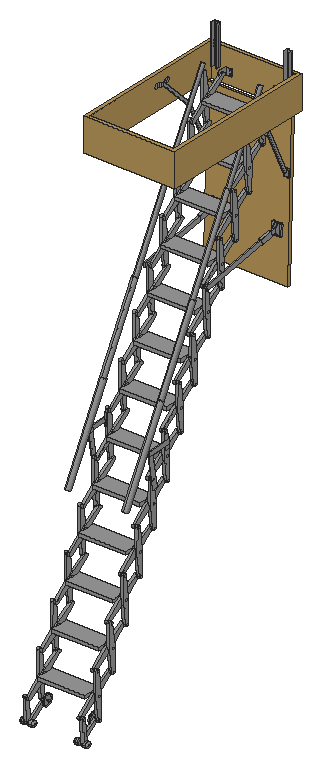
Revit family "schaartrap_Large elec-H 700x1200 mm", category Generic Models, Revit 2019
Family settings
  Can host rebar = No
  Round Connector Dimension = Use Diameter
  Part Type = Normal
  Work Plane-Based = Yes
  Always vertical = Yes
  Cut with Voids When Loaded = No
  Shared = Yes
  Room Calculation Point = No
Parameters
  schaartrap = gietaluminium
  deksel = hout
  bovenliggende treden = yes
  URL = "https://www.gortergroup.com/nl/producten/ladders-en-trappen/schaartrappen/large.html"
  Model = "Large elec-H 700x1200mm"  # constant formula
  Default Elevation = 1219.2 mm
Reference planes
  plane 1 "Center (Front/Back)": y = 0
  plane 2: z = 0
  plane 3 "Center (Left/Right)": x = 0
  plane 4: x = 183
  plane 5: x = -183
  plane 6: x = 203
  plane 7: x = 223
  plane 8: x = -203
  plane 9: x = -223
  plane 10: x = -176.5
  plane 11: x = 176.5
  plane 12: x = 342.5
  plane 13: x = -342.5
  plane 14: x = 176.5
  plane 15: x = 317.5
  plane 16: x = -317.5
  plane 17: x = 187
  plane 18 "traplijn": through (0, 1385.188, 3125.362) normal (0, -0.9072, 0.4206)
  plane 19 "bk. omtimmering": z = 3750
  plane 20: z = 3500
  plane 21: y = 1907.102
  plane 22: y = 717.102
Forms (mm)
  Extrusion 1, solid, material "gietaluminium" <- "schaartrap", not visible
    sketch origin (0, 729.606, 0) x (0, 1, 0) y (0, 0, 1)
      loop
        arc (537.788, 610.319) -> (523.153, 608.12) -> (523.948, 593.342) r 11.002
        line (523.948, 593.342) -> (663.021, 490.736)
        arc (663.021, 490.736) -> (683.041, 494.79) -> (680.583, 515.067) r 15.051
        line (680.583, 515.067) -> (537.788, 610.319)
      loop
        arc (541.3, 744.694) -> (608.05, 701.704) -> (677.245, 662.774) r 1330.136
        arc (677.245, 662.774) -> (691.355, 666.199) -> (689.776, 680.632) r 11
        arc (689.776, 680.632) -> (616.991, 742.583) -> (539.945, 799.147) r 1330.136
        arc (539.945, 799.147) -> (475.666, 840.227) -> (409.138, 877.555) r 1330.136
        arc (409.138, 877.555) -> (395.029, 874.129) -> (396.607, 859.696) r 11
        arc (396.607, 859.696) -> (466.954, 799.679) -> (541.3, 744.694) r 1330.136
      loop
        arc (412.689, 1012.014) -> (479.438, 969.024) -> (548.634, 930.093) r 1330.136
        arc (548.634, 930.093) -> (562.743, 933.518) -> (561.165, 947.952) r 11
        arc (561.165, 947.952) -> (488.38, 1009.902) -> (411.334, 1066.466) r 1330.136
        arc (411.334, 1066.466) -> (347.055, 1107.546) -> (280.527, 1144.874) r 1330.136
        arc (280.527, 1144.874) -> (266.418, 1141.449) -> (267.996, 1127.015) r 11
        arc (267.996, 1127.015) -> (338.343, 1066.998) -> (412.689, 1012.014) r 1330.136
      loop
        arc (284.078, 1279.333) -> (350.827, 1236.343) -> (420.023, 1197.412) r 1330.136
        arc (420.023, 1197.412) -> (434.132, 1200.838) -> (432.554, 1215.271) r 11
        arc (432.554, 1215.271) -> (359.769, 1277.222) -> (282.723, 1333.786) r 1330.136
        arc (282.723, 1333.786) -> (218.444, 1374.866) -> (151.916, 1412.193) r 1330.136
        arc (151.916, 1412.193) -> (137.807, 1408.768) -> (139.385, 1394.335) r 11
        arc (139.385, 1394.335) -> (209.732, 1334.317) -> (284.078, 1279.333) r 1330.136
      loop
        arc (155.467, 1546.652) -> (222.216, 1503.662) -> (291.412, 1464.732) r 1330.136
        arc (291.412, 1464.732) -> (305.521, 1468.157) -> (303.943, 1482.59) r 11
        arc (303.943, 1482.59) -> (231.158, 1544.541) -> (154.112, 1601.105) r 1330.136
        arc (154.112, 1601.105) -> (89.833, 1642.185) -> (23.305, 1679.512) r 1330.136
        arc (23.305, 1679.512) -> (9.196, 1676.087) -> (10.774, 1661.654) r 11
        arc (10.774, 1661.654) -> (81.12, 1601.637) -> (155.467, 1546.652) r 1330.136
      loop
        arc (26.856, 1813.971) -> (93.605, 1770.982) -> (162.801, 1732.051) r 1330.136
        arc (162.801, 1732.051) -> (176.91, 1735.476) -> (175.332, 1749.91) r 11
        arc (175.332, 1749.91) -> (102.547, 1811.86) -> (25.5, 1868.424) r 1330.136
        arc (25.5, 1868.424) -> (-38.778, 1909.504) -> (-105.306, 1946.832) r 1330.136
        arc (-105.306, 1946.832) -> (-119.416, 1943.407) -> (-117.837, 1928.973) r 11
        arc (-117.837, 1928.973) -> (-47.491, 1868.956) -> (26.856, 1813.971) r 1330.136
      loop
        arc (-101.755, 2081.291) -> (-35.006, 2038.301) -> (34.19, 1999.37) r 1330.136
        arc (34.19, 1999.37) -> (48.299, 2002.796) -> (46.721, 2017.229) r 11
        arc (46.721, 2017.229) -> (-26.064, 2079.18) -> (-103.111, 2135.744) r 1330.136
        arc (-103.111, 2135.744) -> (-167.389, 2176.824) -> (-233.917, 2214.151) r 1330.136
        arc (-233.917, 2214.151) -> (-248.027, 2210.726) -> (-246.448, 2196.292) r 11
        arc (-246.448, 2196.292) -> (-176.102, 2136.275) -> (-101.755, 2081.291) r 1330.136
      loop
        arc (-230.366, 2348.61) -> (-163.617, 2305.62) -> (-94.421, 2266.69) r 1330.136
        arc (-94.421, 2266.69) -> (-80.312, 2270.115) -> (-81.89, 2284.548) r 11
        arc (-81.89, 2284.548) -> (-154.676, 2346.499) -> (-231.722, 2403.063) r 1330.136
        arc (-231.722, 2403.063) -> (-296, 2444.143) -> (-362.528, 2481.47) r 1330.136
        arc (-362.528, 2481.47) -> (-376.638, 2478.045) -> (-375.059, 2463.612) r 11
        arc (-375.059, 2463.612) -> (-304.713, 2403.595) -> (-230.366, 2348.61) r 1330.136
      loop
        arc (-358.977, 2615.929) -> (-292.228, 2572.94) -> (-223.033, 2534.009) r 1330.136
        arc (-223.033, 2534.009) -> (-208.923, 2537.434) -> (-210.501, 2551.868) r 11
        arc (-210.501, 2551.868) -> (-283.287, 2613.818) -> (-360.333, 2670.382) r 1330.136
        arc (-360.333, 2670.382) -> (-424.611, 2711.462) -> (-491.139, 2748.79) r 1330.136
        arc (-491.139, 2748.79) -> (-505.249, 2745.364) -> (-503.67, 2730.931) r 11
        arc (-503.67, 2730.931) -> (-433.324, 2670.914) -> (-358.977, 2615.929) r 1330.136
      loop
        arc (-487.588, 2883.249) -> (-420.839, 2840.259) -> (-351.644, 2801.328) r 1330.136
        arc (-351.644, 2801.328) -> (-337.534, 2804.753) -> (-339.112, 2819.187) r 11
        arc (-339.112, 2819.187) -> (-411.898, 2881.138) -> (-488.944, 2937.702) r 1330.136
        arc (-488.944, 2937.702) -> (-553.222, 2978.782) -> (-619.75, 3016.109) r 1330.136
        arc (-619.75, 3016.109) -> (-633.86, 3012.684) -> (-632.281, 2998.25) r 11
        arc (-632.281, 2998.25) -> (-561.935, 2938.233) -> (-487.588, 2883.249) r 1330.136
      loop
        arc (-616.199, 3150.568) -> (-549.45, 3107.578) -> (-480.255, 3068.648) r 1330.136
        arc (-480.255, 3068.648) -> (-466.145, 3072.073) -> (-467.723, 3086.506) r 11
        arc (-467.723, 3086.506) -> (-540.509, 3148.457) -> (-617.555, 3205.021) r 1330.136
        arc (-617.555, 3205.021) -> (-681.833, 3246.101) -> (-748.361, 3283.428) r 1330.136
        arc (-748.361, 3283.428) -> (-762.471, 3280.003) -> (-760.893, 3265.57) r 11
        arc (-760.893, 3265.57) -> (-690.546, 3205.553) -> (-616.199, 3150.568) r 1330.136
      loop
        arc (-744.811, 3417.887) -> (-678.061, 3374.898) -> (-608.866, 3335.967) r 1330.136
        arc (-608.866, 3335.967) -> (-594.756, 3339.392) -> (-596.334, 3353.825) r 11
        arc (-596.334, 3353.825) -> (-669.12, 3415.776) -> (-746.166, 3472.34) r 1330.136
        arc (-746.166, 3472.34) -> (-810.444, 3513.42) -> (-876.972, 3550.748) r 1330.136
        arc (-876.972, 3550.748) -> (-891.082, 3547.322) -> (-889.504, 3532.889) r 11
        arc (-889.504, 3532.889) -> (-819.157, 3472.872) -> (-744.811, 3417.887) r 1330.136
      loop
        arc (-873.422, 3685.207) -> (-806.672, 3642.217) -> (-737.477, 3603.286) r 1330.136
        arc (-737.477, 3603.286) -> (-723.367, 3606.711) -> (-724.945, 3621.145) r 11
        arc (-724.945, 3621.145) -> (-797.731, 3683.096) -> (-874.777, 3739.66) r 1330.136
        arc (-874.777, 3739.66) -> (-939.056, 3780.739) -> (-1005.583, 3818.067) r 1330.136
        arc (-1005.583, 3818.067) -> (-1019.693, 3814.642) -> (-1018.115, 3800.208) r 11
        arc (-1018.115, 3800.208) -> (-947.768, 3740.191) -> (-873.422, 3685.207) r 1330.136
      loop
        arc (-1002.033, 3952.526) -> (-935.283, 3909.536) -> (-866.088, 3870.605) r 1330.136
        arc (-866.088, 3870.605) -> (-851.978, 3874.031) -> (-853.557, 3888.464) r 11
        arc (-853.557, 3888.464) -> (-926.342, 3950.415) -> (-1003.388, 4006.979) r 1330.136
        arc (-1003.388, 4006.979) -> (-1067.667, 4048.059) -> (-1134.194, 4085.386) r 1330.136
        arc (-1134.194, 4085.386) -> (-1148.304, 4081.961) -> (-1146.726, 4067.528) r 11
        arc (-1146.726, 4067.528) -> (-1076.379, 4007.511) -> (-1002.033, 3952.526) r 1330.136
    from 366 to 386
  Extrusion 2, solid, material "gietaluminium" <- "schaartrap", not visible
    sketch origin (0, 729.606, 0) x (0, 1, 0) y (0, 0, 1)
      loop
        line (686.793, 502.301) -> (693.329, 671.835)
        arc (693.329, 671.835) -> (683.291, 683.477) -> (671.416, 673.716) r 11
        line (671.416, 673.716) -> (657.161, 507.665)
        arc (657.161, 507.665) -> (668.84, 487.975) -> (686.694, 502.305) r 15.158
      loop
        arc (564.714, 940.575) -> (554.422, 950.815) -> (542.94, 941.928) r 11
        arc (542.94, 941.928) -> (521.234, 771.529) -> (521.669, 599.754) r 1330.136
        arc (521.669, 599.754) -> (531.962, 589.513) -> (543.443, 598.4) r 11
        arc (543.443, 598.4) -> (565.149, 768.799) -> (564.714, 940.575) r 1330.136
      loop
        arc (436.103, 1207.844) -> (425.811, 1218.085) -> (414.329, 1209.198) r 11
        arc (414.329, 1209.198) -> (392.623, 1038.798) -> (393.058, 867.023) r 1330.136
        arc (393.058, 867.023) -> (403.351, 856.782) -> (414.832, 865.669) r 11
        arc (414.832, 865.669) -> (436.538, 1036.069) -> (436.103, 1207.844) r 1330.136
      loop
        arc (307.492, 1475.113) -> (297.199, 1485.354) -> (285.718, 1476.467) r 11
        arc (285.718, 1476.467) -> (264.012, 1306.068) -> (264.447, 1134.292) r 1330.136
        arc (264.447, 1134.292) -> (274.74, 1124.051) -> (286.221, 1132.939) r 11
        arc (286.221, 1132.939) -> (307.927, 1303.338) -> (307.492, 1475.113) r 1330.136
      loop
        arc (178.881, 1742.383) -> (168.588, 1752.623) -> (157.107, 1743.736) r 11
        arc (157.107, 1743.736) -> (135.401, 1573.337) -> (135.836, 1401.562) r 1330.136
        arc (135.836, 1401.562) -> (146.128, 1391.321) -> (157.61, 1400.208) r 11
        arc (157.61, 1400.208) -> (179.316, 1570.607) -> (178.881, 1742.383) r 1330.136
      loop
        arc (50.27, 2009.652) -> (39.977, 2019.893) -> (28.496, 2011.006) r 11
        arc (28.496, 2011.006) -> (6.79, 1840.606) -> (7.225, 1668.831) r 1330.136
        arc (7.225, 1668.831) -> (17.517, 1658.59) -> (28.999, 1667.477) r 11
        arc (28.999, 1667.477) -> (50.705, 1837.876) -> (50.27, 2009.652) r 1330.136
      loop
        arc (-78.341, 2276.921) -> (-88.634, 2287.162) -> (-100.116, 2278.275) r 11
        arc (-100.116, 2278.275) -> (-121.821, 2107.876) -> (-121.386, 1936.1) r 1330.136
        arc (-121.386, 1936.1) -> (-111.094, 1925.859) -> (-99.612, 1934.747) r 11
        arc (-99.612, 1934.747) -> (-77.906, 2105.146) -> (-78.341, 2276.921) r 1330.136
      loop
        arc (-206.952, 2544.191) -> (-217.245, 2554.431) -> (-228.727, 2545.544) r 11
        arc (-228.727, 2545.544) -> (-250.432, 2375.145) -> (-249.997, 2203.369) r 1330.136
        arc (-249.997, 2203.369) -> (-239.705, 2193.129) -> (-228.223, 2202.016) r 11
        arc (-228.223, 2202.016) -> (-206.517, 2372.415) -> (-206.952, 2544.191) r 1330.136
      loop
        arc (-335.563, 2811.46) -> (-345.856, 2821.701) -> (-357.338, 2812.813) r 11
        arc (-357.338, 2812.813) -> (-379.043, 2642.414) -> (-378.609, 2470.639) r 1330.136
        arc (-378.609, 2470.639) -> (-368.316, 2460.398) -> (-356.834, 2469.285) r 11
        arc (-356.834, 2469.285) -> (-335.128, 2639.684) -> (-335.563, 2811.46) r 1330.136
      loop
        arc (-464.174, 3078.729) -> (-474.467, 3088.97) -> (-485.949, 3080.083) r 11
        arc (-485.949, 3080.083) -> (-507.655, 2909.684) -> (-507.22, 2737.908) r 1330.136
        arc (-507.22, 2737.908) -> (-496.927, 2727.667) -> (-485.445, 2736.554) r 11
        arc (-485.445, 2736.554) -> (-463.739, 2906.954) -> (-464.174, 3078.729) r 1330.136
      loop
        arc (-592.785, 3345.998) -> (-603.078, 3356.239) -> (-614.56, 3347.352) r 11
        arc (-614.56, 3347.352) -> (-636.266, 3176.953) -> (-635.831, 3005.177) r 1330.136
        arc (-635.831, 3005.177) -> (-625.538, 2994.937) -> (-614.056, 3003.824) r 11
        arc (-614.056, 3003.824) -> (-592.35, 3174.223) -> (-592.785, 3345.998) r 1330.136
      loop
        arc (-721.396, 3613.268) -> (-731.689, 3623.509) -> (-743.171, 3614.621) r 11
        arc (-743.171, 3614.621) -> (-764.877, 3444.222) -> (-764.442, 3272.447) r 1330.136
        arc (-764.442, 3272.447) -> (-754.149, 3262.206) -> (-742.667, 3271.093) r 11
        arc (-742.667, 3271.093) -> (-720.961, 3441.492) -> (-721.396, 3613.268) r 1330.136
      loop
        arc (-850.007, 3880.537) -> (-860.3, 3890.778) -> (-871.782, 3881.891) r 11
        arc (-871.782, 3881.891) -> (-893.488, 3711.492) -> (-893.053, 3539.716) r 1330.136
        arc (-893.053, 3539.716) -> (-882.76, 3529.475) -> (-871.278, 3538.362) r 11
        arc (-871.278, 3538.362) -> (-849.572, 3708.762) -> (-850.007, 3880.537) r 1330.136
      loop
        arc (-978.618, 4147.806) -> (-988.911, 4158.047) -> (-1000.393, 4149.16) r 11
        arc (-1000.393, 4149.16) -> (-1022.099, 3978.761) -> (-1021.664, 3806.985) r 1330.136
        arc (-1021.664, 3806.985) -> (-1011.371, 3796.745) -> (-999.889, 3805.632) r 11
        arc (-999.889, 3805.632) -> (-978.184, 3976.031) -> (-978.618, 4147.806) r 1330.136
    from 386 to 406
  Extrusion 3, solid, material "gietaluminium" <- "schaartrap", not visible
    sketch origin (0, 729.606, 0) x (0, 1, 0) y (0, 0, 1)
      loop
        circle (682.35, 672.517) r 5.05
      loop
        circle (532.644, 600.492) r 5
      loop
        circle (543.192, 770.164) r 5.05
      loop
        circle (553.739, 939.837) r 5.05
      loop
        circle (404.033, 867.811) r 5.05
      loop
        circle (414.581, 1037.483) r 5.05
      loop
        circle (275.422, 1135.13) r 5.05
      loop
        circle (425.128, 1207.156) r 5.05
      loop
        circle (285.969, 1304.803) r 5.05
      loop
        circle (146.811, 1402.45) r 5.05
      loop
        circle (296.517, 1474.475) r 5.05
      loop
        circle (157.358, 1572.122) r 5.05
      loop
        circle (167.906, 1741.795) r 5.05
      loop
        circle (18.2, 1669.769) r 5.05
      loop
        circle (28.747, 1839.441) r 5.05
      loop
        circle (-110.411, 1937.088) r 5.05
      loop
        circle (-99.864, 2106.761) r 5.05
      loop
        circle (-239.022, 2204.408) r 5.05
      loop
        circle (39.295, 2009.114) r 5.05
      loop
        circle (-89.316, 2276.433) r 5.05
      loop
        circle (-228.475, 2374.08) r 5.05
      loop
        circle (-367.633, 2471.727) r 5.05
      loop
        circle (-217.927, 2543.752) r 5.05
      loop
        circle (-357.086, 2641.399) r 5.05
      loop
        circle (-496.244, 2739.046) r 5.05
      loop
        circle (-346.538, 2811.072) r 5.05
      loop
        circle (-485.697, 2908.719) r 5.05
      loop
        circle (-624.855, 3006.365) r 5.05
      loop
        circle (-475.149, 3078.391) r 5.25
      loop
        circle (-614.308, 3176.038) r 5.05
      loop
        circle (-753.466, 3273.685) r 5.05
      loop
        circle (-603.76, 3345.71) r 5.05
      loop
        circle (-742.919, 3443.357) r 5.05
      loop
        circle (-882.078, 3541.004) r 5.05
      loop
        circle (-732.372, 3613.03) r 5.05
      loop
        circle (-871.53, 3710.677) r 5.05
      loop
        circle (-860.983, 3880.349) r 5.05
      loop
        circle (-1000.141, 3977.996) r 5.05
      loop
        circle (-1010.689, 3808.323) r 5.05
    from 406 to 411
  Extrusion 4, solid, material "gietaluminium" <- "schaartrap"
    sketch origin (0, 1421.409, -482.845) x (0, -1, 0) y (0, 0, -1)
      loop
        line (1204.291, -787.141) -> (1341.315, -787.141) -> (1341.315, -763.096) -> (1204.291, -763.096) -> (1204.291, -787.141)
      loop
        line (1075.68, -1054.461) -> (1212.704, -1054.461) -> (1212.704, -1030.415) -> (1075.68, -1030.415) -> (1075.68, -1054.461)
      loop
        line (947.069, -1321.78) -> (1084.093, -1321.78) -> (1084.093, -1297.734) -> (947.069, -1297.734) -> (947.069, -1321.78)
      loop
        line (818.458, -1589.099) -> (955.482, -1589.099) -> (955.482, -1565.054) -> (818.458, -1565.054) -> (818.458, -1589.099)
      loop
        line (689.847, -1856.418) -> (826.871, -1856.418) -> (826.871, -1832.373) -> (689.847, -1832.373) -> (689.847, -1856.418)
      loop
        line (561.236, -2123.738) -> (698.26, -2123.738) -> (698.26, -2099.692) -> (561.236, -2099.692) -> (561.236, -2123.738)
      loop
        line (432.625, -2391.057) -> (569.649, -2391.057) -> (569.649, -2367.012) -> (432.625, -2367.012) -> (432.625, -2391.057)
      loop
        line (304.014, -2658.376) -> (441.037, -2658.376) -> (441.037, -2634.331) -> (304.014, -2634.331) -> (304.014, -2658.376)
      loop
        line (175.403, -2925.696) -> (312.426, -2925.696) -> (312.426, -2901.65) -> (175.403, -2901.65) -> (175.403, -2925.696)
      loop
        line (46.791, -3193.015) -> (183.815, -3193.015) -> (183.815, -3168.97) -> (46.791, -3168.97) -> (46.791, -3193.015)
      loop
        line (-81.82, -3460.334) -> (55.204, -3460.334) -> (55.204, -3436.289) -> (-81.82, -3436.289) -> (-81.82, -3460.334)
      loop
        line (-210.431, -3727.654) -> (-73.407, -3727.654) -> (-73.407, -3703.608) -> (-210.431, -3703.608) -> (-210.431, -3727.654)
      loop
        line (-339.042, -3994.973) -> (-202.018, -3994.973) -> (-202.018, -3970.928) -> (-339.042, -3970.928) -> (-339.042, -3994.973)
    from -176.5 to 176.5
  Extrusion 5, solid, material "gietaluminium" <- "schaartrap", not visible
    sketch origin (-7, 2508.736, 453.455) x (0, 1, 0) y (0, 0, 1)
      loop
        arc (-1222.318, 115.163) -> (-1208.153, 158.467) -> (-1243.721, 186.941) r 40
        arc (-1243.721, 186.941) -> (-1284.817, 135.606) -> (-1222.318, 115.163) r 40
      loop
        arc (-1225.166, 116.796) -> (-1211.067, 157.739) -> (-1245.48, 184.023) r 37
        arc (-1245.48, 184.023) -> (-1281.903, 136.334) -> (-1225.166, 116.796) r 37
    from 359 to 370
  Extrusion 6, solid, material "gietaluminium" <- "schaartrap", not visible
    sketch origin (183, 2508.736, 453.455) x (0, 1, 0) y (0, 0, 1)
      loop
        arc (-1245.48, 184.023) -> (-1281.903, 136.334) -> (-1225.166, 116.796) r 37
        arc (-1225.166, 116.796) -> (-1211.067, 157.739) -> (-1245.48, 184.023) r 37
    from 173 to 176.5
  Extrusion 7, solid, material "gietaluminium" <- "schaartrap", not visible
    sketch origin (701, 2508.736, 453.455) x (0, 1, 0) y (0, 0, -1)
      loop
        circle (-1246.485, -147.037) r 5
    from 359 to 335
  Extrusion 8, solid, material "gietaluminium" <- "schaartrap"
    sketch origin (183, 691.803, -482.845) x (0, -1, 0) y (0, 0, 1)
      loop
        arc (537.788, 610.319) -> (523.153, 608.12) -> (523.948, 593.342) r 11.002
        line (523.948, 593.342) -> (663.021, 490.736)
        arc (663.021, 490.736) -> (683.041, 494.79) -> (680.583, 515.067) r 15.051
        line (680.583, 515.067) -> (537.788, 610.319)
      loop
        arc (541.3, 744.694) -> (608.05, 701.704) -> (677.245, 662.774) r 1330.136
        arc (677.245, 662.774) -> (691.355, 666.199) -> (689.776, 680.632) r 11
        arc (689.776, 680.632) -> (616.991, 742.583) -> (539.945, 799.147) r 1330.136
        arc (539.945, 799.147) -> (475.666, 840.227) -> (409.138, 877.555) r 1330.136
        arc (409.138, 877.555) -> (395.029, 874.129) -> (396.607, 859.696) r 11
        arc (396.607, 859.696) -> (466.954, 799.679) -> (541.3, 744.694) r 1330.136
      loop
        arc (412.689, 1012.014) -> (479.438, 969.024) -> (548.634, 930.093) r 1330.136
        arc (548.634, 930.093) -> (562.743, 933.518) -> (561.165, 947.952) r 11
        arc (561.165, 947.952) -> (488.38, 1009.902) -> (411.334, 1066.466) r 1330.136
        arc (411.334, 1066.466) -> (347.055, 1107.546) -> (280.527, 1144.874) r 1330.136
        arc (280.527, 1144.874) -> (266.418, 1141.449) -> (267.996, 1127.015) r 11
        arc (267.996, 1127.015) -> (338.343, 1066.998) -> (412.689, 1012.014) r 1330.136
      loop
        arc (284.078, 1279.333) -> (350.827, 1236.343) -> (420.023, 1197.412) r 1330.136
        arc (420.023, 1197.412) -> (434.132, 1200.838) -> (432.554, 1215.271) r 11
        arc (432.554, 1215.271) -> (359.769, 1277.222) -> (282.723, 1333.786) r 1330.136
        arc (282.723, 1333.786) -> (218.444, 1374.866) -> (151.916, 1412.193) r 1330.136
        arc (151.916, 1412.193) -> (137.807, 1408.768) -> (139.385, 1394.335) r 11
        arc (139.385, 1394.335) -> (209.732, 1334.317) -> (284.078, 1279.333) r 1330.136
      loop
        arc (155.467, 1546.652) -> (222.216, 1503.662) -> (291.412, 1464.732) r 1330.136
        arc (291.412, 1464.732) -> (305.521, 1468.157) -> (303.943, 1482.59) r 11
        arc (303.943, 1482.59) -> (231.158, 1544.541) -> (154.112, 1601.105) r 1330.136
        arc (154.112, 1601.105) -> (89.833, 1642.185) -> (23.305, 1679.512) r 1330.136
        arc (23.305, 1679.512) -> (9.196, 1676.087) -> (10.774, 1661.654) r 11
        arc (10.774, 1661.654) -> (81.12, 1601.637) -> (155.467, 1546.652) r 1330.136
      loop
        arc (26.856, 1813.971) -> (93.605, 1770.982) -> (162.801, 1732.051) r 1330.136
        arc (162.801, 1732.051) -> (176.91, 1735.476) -> (175.332, 1749.91) r 11
        arc (175.332, 1749.91) -> (102.547, 1811.86) -> (25.5, 1868.424) r 1330.136
        arc (25.5, 1868.424) -> (-38.778, 1909.504) -> (-105.306, 1946.832) r 1330.136
        arc (-105.306, 1946.832) -> (-119.416, 1943.407) -> (-117.837, 1928.973) r 11
        arc (-117.837, 1928.973) -> (-47.491, 1868.956) -> (26.856, 1813.971) r 1330.136
      loop
        arc (-101.755, 2081.291) -> (-35.006, 2038.301) -> (34.19, 1999.37) r 1330.136
        arc (34.19, 1999.37) -> (48.299, 2002.796) -> (46.721, 2017.229) r 11
        arc (46.721, 2017.229) -> (-26.064, 2079.18) -> (-103.111, 2135.744) r 1330.136
        arc (-103.111, 2135.744) -> (-167.389, 2176.824) -> (-233.917, 2214.151) r 1330.136
        arc (-233.917, 2214.151) -> (-248.027, 2210.726) -> (-246.448, 2196.292) r 11
        arc (-246.448, 2196.292) -> (-176.102, 2136.275) -> (-101.755, 2081.291) r 1330.136
      loop
        arc (-230.366, 2348.61) -> (-163.617, 2305.62) -> (-94.421, 2266.69) r 1330.136
        arc (-94.421, 2266.69) -> (-80.312, 2270.115) -> (-81.89, 2284.548) r 11
        arc (-81.89, 2284.548) -> (-154.676, 2346.499) -> (-231.722, 2403.063) r 1330.136
        arc (-231.722, 2403.063) -> (-296, 2444.143) -> (-362.528, 2481.47) r 1330.136
        arc (-362.528, 2481.47) -> (-376.638, 2478.045) -> (-375.059, 2463.612) r 11
        arc (-375.059, 2463.612) -> (-304.713, 2403.595) -> (-230.366, 2348.61) r 1330.136
      loop
        arc (-358.977, 2615.929) -> (-292.228, 2572.94) -> (-223.033, 2534.009) r 1330.136
        arc (-223.033, 2534.009) -> (-208.923, 2537.434) -> (-210.501, 2551.868) r 11
        arc (-210.501, 2551.868) -> (-283.287, 2613.818) -> (-360.333, 2670.382) r 1330.136
        arc (-360.333, 2670.382) -> (-424.611, 2711.462) -> (-491.139, 2748.79) r 1330.136
        arc (-491.139, 2748.79) -> (-505.249, 2745.364) -> (-503.67, 2730.931) r 11
        arc (-503.67, 2730.931) -> (-433.324, 2670.914) -> (-358.977, 2615.929) r 1330.136
      loop
        arc (-487.588, 2883.249) -> (-420.839, 2840.259) -> (-351.644, 2801.328) r 1330.136
        arc (-351.644, 2801.328) -> (-337.534, 2804.753) -> (-339.112, 2819.187) r 11
        arc (-339.112, 2819.187) -> (-411.898, 2881.138) -> (-488.944, 2937.702) r 1330.136
        arc (-488.944, 2937.702) -> (-553.222, 2978.782) -> (-619.75, 3016.109) r 1330.136
        arc (-619.75, 3016.109) -> (-633.86, 3012.684) -> (-632.281, 2998.25) r 11
        arc (-632.281, 2998.25) -> (-561.935, 2938.233) -> (-487.588, 2883.249) r 1330.136
      loop
        arc (-616.199, 3150.568) -> (-549.45, 3107.578) -> (-480.255, 3068.648) r 1330.136
        arc (-480.255, 3068.648) -> (-466.145, 3072.073) -> (-467.723, 3086.506) r 11
        arc (-467.723, 3086.506) -> (-540.509, 3148.457) -> (-617.555, 3205.021) r 1330.136
        arc (-617.555, 3205.021) -> (-681.833, 3246.101) -> (-748.361, 3283.428) r 1330.136
        arc (-748.361, 3283.428) -> (-762.471, 3280.003) -> (-760.893, 3265.57) r 11
        arc (-760.893, 3265.57) -> (-690.546, 3205.553) -> (-616.199, 3150.568) r 1330.136
      loop
        arc (-744.811, 3417.887) -> (-678.061, 3374.898) -> (-608.866, 3335.967) r 1330.136
        arc (-608.866, 3335.967) -> (-594.756, 3339.392) -> (-596.334, 3353.825) r 11
        arc (-596.334, 3353.825) -> (-669.12, 3415.776) -> (-746.166, 3472.34) r 1330.136
        arc (-746.166, 3472.34) -> (-810.444, 3513.42) -> (-876.972, 3550.748) r 1330.136
        arc (-876.972, 3550.748) -> (-891.082, 3547.322) -> (-889.504, 3532.889) r 11
        arc (-889.504, 3532.889) -> (-819.157, 3472.872) -> (-744.811, 3417.887) r 1330.136
      loop
        arc (-873.422, 3685.207) -> (-806.672, 3642.217) -> (-737.477, 3603.286) r 1330.136
        arc (-737.477, 3603.286) -> (-723.367, 3606.711) -> (-724.945, 3621.145) r 11
        arc (-724.945, 3621.145) -> (-797.731, 3683.096) -> (-874.777, 3739.66) r 1330.136
        arc (-874.777, 3739.66) -> (-939.056, 3780.739) -> (-1005.583, 3818.067) r 1330.136
        arc (-1005.583, 3818.067) -> (-1019.693, 3814.642) -> (-1018.115, 3800.208) r 11
        arc (-1018.115, 3800.208) -> (-947.768, 3740.191) -> (-873.422, 3685.207) r 1330.136
      loop
        arc (-1002.033, 3952.526) -> (-935.283, 3909.536) -> (-866.088, 3870.605) r 1330.136
        arc (-866.088, 3870.605) -> (-851.978, 3874.031) -> (-853.557, 3888.464) r 11
        arc (-853.557, 3888.464) -> (-926.342, 3950.415) -> (-1003.388, 4006.979) r 1330.136
        arc (-1003.388, 4006.979) -> (-1067.667, 4048.059) -> (-1134.194, 4085.386) r 1330.136
        arc (-1134.194, 4085.386) -> (-1148.304, 4081.961) -> (-1146.726, 4067.528) r 11
        arc (-1146.726, 4067.528) -> (-1076.379, 4007.511) -> (-1002.033, 3952.526) r 1330.136
    from 366 to 386
  Extrusion 9, solid, material "gietaluminium" <- "schaartrap"
    sketch origin (183, 691.803, -482.845) x (0, -1, 0) y (0, 0, 1)
      loop
        line (686.793, 502.301) -> (693.329, 671.835)
        arc (693.329, 671.835) -> (683.291, 683.477) -> (671.416, 673.716) r 11
        line (671.416, 673.716) -> (657.161, 507.665)
        arc (657.161, 507.665) -> (668.84, 487.975) -> (686.694, 502.305) r 15.158
      loop
        arc (564.714, 940.575) -> (554.422, 950.815) -> (542.94, 941.928) r 11
        arc (542.94, 941.928) -> (521.234, 771.529) -> (521.669, 599.754) r 1330.136
        arc (521.669, 599.754) -> (531.962, 589.513) -> (543.443, 598.4) r 11
        arc (543.443, 598.4) -> (565.149, 768.799) -> (564.714, 940.575) r 1330.136
      loop
        arc (436.103, 1207.844) -> (425.811, 1218.085) -> (414.329, 1209.198) r 11
        arc (414.329, 1209.198) -> (392.623, 1038.798) -> (393.058, 867.023) r 1330.136
        arc (393.058, 867.023) -> (403.351, 856.782) -> (414.832, 865.669) r 11
        arc (414.832, 865.669) -> (436.538, 1036.069) -> (436.103, 1207.844) r 1330.136
      loop
        arc (307.492, 1475.113) -> (297.199, 1485.354) -> (285.718, 1476.467) r 11
        arc (285.718, 1476.467) -> (264.012, 1306.068) -> (264.447, 1134.292) r 1330.136
        arc (264.447, 1134.292) -> (274.74, 1124.051) -> (286.221, 1132.939) r 11
        arc (286.221, 1132.939) -> (307.927, 1303.338) -> (307.492, 1475.113) r 1330.136
      loop
        arc (178.881, 1742.383) -> (168.588, 1752.623) -> (157.107, 1743.736) r 11
        arc (157.107, 1743.736) -> (135.401, 1573.337) -> (135.836, 1401.562) r 1330.136
        arc (135.836, 1401.562) -> (146.128, 1391.321) -> (157.61, 1400.208) r 11
        arc (157.61, 1400.208) -> (179.316, 1570.607) -> (178.881, 1742.383) r 1330.136
      loop
        arc (50.27, 2009.652) -> (39.977, 2019.893) -> (28.496, 2011.006) r 11
        arc (28.496, 2011.006) -> (6.79, 1840.606) -> (7.225, 1668.831) r 1330.136
        arc (7.225, 1668.831) -> (17.517, 1658.59) -> (28.999, 1667.477) r 11
        arc (28.999, 1667.477) -> (50.705, 1837.876) -> (50.27, 2009.652) r 1330.136
      loop
        arc (-78.341, 2276.921) -> (-88.634, 2287.162) -> (-100.116, 2278.275) r 11
        arc (-100.116, 2278.275) -> (-121.821, 2107.876) -> (-121.386, 1936.1) r 1330.136
        arc (-121.386, 1936.1) -> (-111.094, 1925.859) -> (-99.612, 1934.747) r 11
        arc (-99.612, 1934.747) -> (-77.906, 2105.146) -> (-78.341, 2276.921) r 1330.136
      loop
        arc (-206.952, 2544.191) -> (-217.245, 2554.431) -> (-228.727, 2545.544) r 11
        arc (-228.727, 2545.544) -> (-250.432, 2375.145) -> (-249.997, 2203.369) r 1330.136
        arc (-249.997, 2203.369) -> (-239.705, 2193.129) -> (-228.223, 2202.016) r 11
        arc (-228.223, 2202.016) -> (-206.517, 2372.415) -> (-206.952, 2544.191) r 1330.136
      loop
        arc (-335.563, 2811.46) -> (-345.856, 2821.701) -> (-357.338, 2812.813) r 11
        arc (-357.338, 2812.813) -> (-379.043, 2642.414) -> (-378.609, 2470.639) r 1330.136
        arc (-378.609, 2470.639) -> (-368.316, 2460.398) -> (-356.834, 2469.285) r 11
        arc (-356.834, 2469.285) -> (-335.128, 2639.684) -> (-335.563, 2811.46) r 1330.136
      loop
        arc (-464.174, 3078.729) -> (-474.467, 3088.97) -> (-485.949, 3080.083) r 11
        arc (-485.949, 3080.083) -> (-507.655, 2909.684) -> (-507.22, 2737.908) r 1330.136
        arc (-507.22, 2737.908) -> (-496.927, 2727.667) -> (-485.445, 2736.554) r 11
        arc (-485.445, 2736.554) -> (-463.739, 2906.954) -> (-464.174, 3078.729) r 1330.136
      loop
        arc (-592.785, 3345.998) -> (-603.078, 3356.239) -> (-614.56, 3347.352) r 11
        arc (-614.56, 3347.352) -> (-636.266, 3176.953) -> (-635.831, 3005.177) r 1330.136
        arc (-635.831, 3005.177) -> (-625.538, 2994.937) -> (-614.056, 3003.824) r 11
        arc (-614.056, 3003.824) -> (-592.35, 3174.223) -> (-592.785, 3345.998) r 1330.136
      loop
        arc (-721.396, 3613.268) -> (-731.689, 3623.509) -> (-743.171, 3614.621) r 11
        arc (-743.171, 3614.621) -> (-764.877, 3444.222) -> (-764.442, 3272.447) r 1330.136
        arc (-764.442, 3272.447) -> (-754.149, 3262.206) -> (-742.667, 3271.093) r 11
        arc (-742.667, 3271.093) -> (-720.961, 3441.492) -> (-721.396, 3613.268) r 1330.136
      loop
        arc (-850.007, 3880.537) -> (-860.3, 3890.778) -> (-871.782, 3881.891) r 11
        arc (-871.782, 3881.891) -> (-893.488, 3711.492) -> (-893.053, 3539.716) r 1330.136
        arc (-893.053, 3539.716) -> (-882.76, 3529.475) -> (-871.278, 3538.362) r 11
        arc (-871.278, 3538.362) -> (-849.572, 3708.762) -> (-850.007, 3880.537) r 1330.136
      loop
        arc (-978.618, 4147.806) -> (-988.911, 4158.047) -> (-1000.393, 4149.16) r 11
        arc (-1000.393, 4149.16) -> (-1022.099, 3978.761) -> (-1021.664, 3806.985) r 1330.136
        arc (-1021.664, 3806.985) -> (-1011.371, 3796.745) -> (-999.889, 3805.632) r 11
        arc (-999.889, 3805.632) -> (-978.184, 3976.031) -> (-978.618, 4147.806) r 1330.136
    from 386 to 406
  Extrusion 10, solid, material "gietaluminium" <- "schaartrap"
    sketch origin (183, 691.803, -482.845) x (0, -1, 0) y (0, 0, 1)
      loop
        circle (682.35, 672.517) r 5.05
      loop
        circle (532.644, 600.492) r 5
      loop
        circle (543.192, 770.164) r 5.05
      loop
        circle (553.739, 939.837) r 5.05
      loop
        circle (404.033, 867.811) r 5.05
      loop
        circle (414.581, 1037.483) r 5.05
      loop
        circle (275.422, 1135.13) r 5.05
      loop
        circle (425.128, 1207.156) r 5.05
      loop
        circle (285.969, 1304.803) r 5.05
      loop
        circle (146.811, 1402.45) r 5.05
      loop
        circle (296.517, 1474.475) r 5.05
      loop
        circle (157.358, 1572.122) r 5.05
      loop
        circle (167.906, 1741.795) r 5.05
      loop
        circle (18.2, 1669.769) r 5.05
      loop
        circle (28.747, 1839.441) r 5.05
      loop
        circle (-110.411, 1937.088) r 5.05
      loop
        circle (-99.864, 2106.761) r 5.05
      loop
        circle (-239.022, 2204.408) r 5.05
      loop
        circle (39.295, 2009.114) r 5.05
      loop
        circle (-89.316, 2276.433) r 5.05
      loop
        circle (-228.475, 2374.08) r 5.05
      loop
        circle (-367.633, 2471.727) r 5.05
      loop
        circle (-217.927, 2543.752) r 5.05
      loop
        circle (-357.086, 2641.399) r 5.05
      loop
        circle (-496.244, 2739.046) r 5.05
      loop
        circle (-346.538, 2811.072) r 5.05
      loop
        circle (-485.697, 2908.719) r 5.05
      loop
        circle (-624.855, 3006.365) r 5.05
      loop
        circle (-475.149, 3078.391) r 5.25
      loop
        circle (-614.308, 3176.038) r 5.05
      loop
        circle (-753.466, 3273.685) r 5.05
      loop
        circle (-603.76, 3345.71) r 5.05
      loop
        circle (-742.919, 3443.357) r 5.05
      loop
        circle (-882.078, 3541.004) r 5.05
      loop
        circle (-732.372, 3613.03) r 5.05
      loop
        circle (-871.53, 3710.677) r 5.05
      loop
        circle (-860.983, 3880.349) r 5.05
      loop
        circle (-1000.141, 3977.996) r 5.05
      loop
        circle (-1010.689, 3808.323) r 5.05
    from 406 to 411
  Extrusion 11, solid, material "gietaluminium" <- "schaartrap"
    sketch origin (190, -1087.327, -29.39) x (0, -1, 0) y (0, 0, 1)
      loop
        arc (-1222.318, 115.163) -> (-1208.153, 158.467) -> (-1243.721, 186.941) r 40
        arc (-1243.721, 186.941) -> (-1284.817, 135.606) -> (-1222.318, 115.163) r 40
      loop
        arc (-1225.166, 116.796) -> (-1211.067, 157.739) -> (-1245.48, 184.023) r 37
        arc (-1245.48, 184.023) -> (-1281.903, 136.334) -> (-1225.166, 116.796) r 37
    from 359 to 370
  Extrusion 12, solid, material "gietaluminium" <- "schaartrap"
    sketch origin (0, -1087.327, -29.39) x (0, -1, 0) y (0, 0, 1)
      loop
        arc (-1245.48, 184.023) -> (-1281.903, 136.334) -> (-1225.166, 116.796) r 37
        arc (-1225.166, 116.796) -> (-1211.067, 157.739) -> (-1245.48, 184.023) r 37
    from 173 to 176.5
  Extrusion 13, solid, material "gietaluminium" <- "schaartrap"
    sketch origin (-518, -1087.327, -29.39) x (0, -1, 0) y (0, 0, -1)
      loop
        circle (-1246.485, -147.037) r 5
    from 359 to 335
  Sweep 14, solid, material "gietaluminium" <- "schaartrap"
    path origin (216.86, 105.751, 58.284) x (0, 0.992825, -0.119574) y (0, 0.119574, 0.992825)
      loop
        line (138.969, 1377.523) -> (396.642, 2020.838)
    profile origin (216.86, 574.813, 1713.251) x (0, -0.877184, 0.480155) y (1, 0, 0)
      loop
        circle (0, 0) r 20
  Sweep 15, solid, material "gietaluminium" <- "schaartrap"
    path origin (216.86, 389.522, 576.7) x (0, 0.992825, -0.119574) y (0, 0.119574, 0.992825)
      loop
        line (176.895, 1472.21) -> (409.137, 2052.033)
    profile origin (216.86, 891.14, 2291.141) x (0, -0.877184, 0.480155) y (1, 0, 0)
      loop
        circle (0, 0) r 17.5
  Sweep 16, solid, material "gietaluminium" <- "schaartrap"
    path origin (216.86, 632.065, 1019.795) x (0, 0.992825, -0.119574) y (0, 0.119574, 0.992825)
      loop
        line (221.317, 1583.115) -> (476.186, 2219.43)
    profile origin (216.86, 1205.656, 2865.725) x (0, -0.877184, 0.480155) y (1, 0, 0)
      loop
        circle (0, 0) r 15
  Sweep 17, solid, material "gietaluminium" <- "schaartrap"
    path origin (216.86, 873.617, 1461.082) x (0, 0.992825, -0.119574) y (0, 0.119574, 0.992825)
      loop
        line (289.132, 1752.426) -> (527.098, 2346.54)
    profile origin (216.86, 1523.869, 3447.061) x (0, -0.877184, 0.480155) y (1, 0, 0)
      loop
        circle (0, 0) r 12.5
  Sweep 18, solid, material "gietaluminium" <- "schaartrap", not visible
    path origin (216.86, 121.798, 547.418) x (0, 0.997796, -0.066361) y (0, 0.066361, 0.997796)
      loop
        line (138.969, 1377.523) -> (396.642, 2020.838)
    profile origin (216.86, 501.772, 2225.081) x (0, -0.901584, 0.432605) y (1, 0, 0)
      loop
        circle (0, 0) r 20
  Sweep 19, solid, material "gietaluminium" <- "schaartrap", not visible
    path origin (216.86, 377.467, 1080.254) x (0, 0.997796, -0.066361) y (0, 0.066361, 0.997796)
      loop
        line (176.895, 1472.21) -> (409.137, 2052.033)
    profile origin (216.86, 786.773, 2819.046) x (0, -0.901584, 0.432605) y (1, 0, 0)
      loop
        circle (0, 0) r 17.5
  Sweep 20, solid, material "gietaluminium" <- "schaartrap", not visible
    path origin (216.86, 595.991, 1535.674) x (0, 0.997796, -0.066361) y (0, 0.066361, 0.997796)
      loop
        line (221.317, 1583.115) -> (476.186, 2219.43)
    profile origin (216.86, 1070.143, 3409.612) x (0, -0.901584, 0.432605) y (1, 0, 0)
      loop
        circle (0, 0) r 15
  Sweep 21, solid, material "gietaluminium" <- "schaartrap", not visible
    path origin (216.86, 813.623, 1989.237) x (0, 0.997796, -0.066361) y (0, 0.066361, 0.997796)
      loop
        line (289.132, 1752.426) -> (527.098, 2346.54)
    profile origin (216.86, 1356.844, 4007.119) x (0, -0.901584, 0.432605) y (1, 0, 0)
      loop
        circle (0, 0) r 12.5
  Extrusion 22, solid, material "gietaluminium" <- "schaartrap", not visible
    sketch origin (183, 2615.32, 1596.025) x (0, 0.992015, 0.126122) y (0, -0.126122, 0.992015)
      loop
        line (-2781.909, 1947.463) -> (-2145.182, 1749.508) -> (-2136.275, 1778.155) -> (-2773.003, 1976.11) -> (-2781.909, 1947.463)
      loop
        circle (-2155.052, 1768.285) r 5.25
      loop
        circle (-2174.151, 1774.222) r 5.25
      loop
        circle (-2193.249, 1780.16) r 5.25
    from 223 to 238
  Extrusion 23, solid, material "gietaluminium" <- "schaartrap", not visible
    sketch origin (183, 2790.036, 1668.392) x (0, 0.992015, 0.126122) y (0, -0.126122, 0.992015)
      loop
        line (-2910.393, 1878.314) -> (-2824.45, 1851.595) -> (-2814.06, 1885.017) -> (-2900.002, 1911.736) -> (-2910.393, 1878.314)
    from 220 to 241
  Extrusion 24, solid, material "gietaluminium" <- "schaartrap", not visible
    sketch origin (183, 2651.933, 861) x (0, 0.990268, 0.139173) y (0, -0.139173, 0.990268)
      loop
        line (-2686.312, 2773.232) -> (-2695.334, 2687.387) -> (-2667.586, 2719.194)
        arc (-2667.586, 2719.194) -> (-2664.135, 2726.351) -> (-2664.823, 2734.266) r 15
        line (-2664.823, 2734.266) -> (-2665.782, 2736.351) -> (-2686.312, 2773.232)
      loop
        circle (-2678.889, 2729.055) r 4
    from 238 to 246
  Extrusion 25, solid, material "gietaluminium" <- "schaartrap", not visible
    sketch origin (160, 2663.607, 862.641) x (0, 0.990268, 0.139173) y (0, -0.139173, 0.990268)
      loop
        line (-2698.1, 2773.232) -> (-2707.123, 2687.387) -> (-2679.374, 2719.194)
        arc (-2679.374, 2719.194) -> (-2675.923, 2726.351) -> (-2676.612, 2734.266) r 15
        line (-2676.612, 2734.266) -> (-2677.571, 2736.351) -> (-2698.1, 2773.232)
      loop
        circle (-2690.678, 2729.055) r 4
    from 238 to 246
  Extrusion 26, solid, material "gietaluminium" <- "schaartrap"
    sketch origin (0, -1193.91, 1113.18) x (0, -0.992015, 0.126122) y (0, 0.126122, 0.992015)
      loop
        line (-2781.909, 1947.463) -> (-2145.182, 1749.508) -> (-2136.275, 1778.155) -> (-2773.003, 1976.11) -> (-2781.909, 1947.463)
      loop
        circle (-2155.052, 1768.285) r 5.25
      loop
        circle (-2174.151, 1774.222) r 5.25
      loop
        circle (-2193.249, 1780.16) r 5.25
    from 223 to 238
  Extrusion 27, solid, material "gietaluminium" <- "schaartrap"
    sketch origin (0, -1368.627, 1185.548) x (0, -0.992015, 0.126122) y (0, 0.126122, 0.992015)
      loop
        line (-2910.393, 1878.314) -> (-2824.45, 1851.595) -> (-2814.06, 1885.017) -> (-2900.002, 1911.736) -> (-2910.393, 1878.314)
    from 220 to 241
  Extrusion 28, solid, material "gietaluminium" <- "schaartrap"
    sketch origin (0, -1230.524, 378.156) x (0, -0.990268, 0.139173) y (0, 0.139173, 0.990268)
      loop
        line (-2686.312, 2773.232) -> (-2695.334, 2687.387) -> (-2667.586, 2719.194)
        arc (-2667.586, 2719.194) -> (-2664.135, 2726.351) -> (-2664.823, 2734.266) r 15
        line (-2664.823, 2734.266) -> (-2665.782, 2736.351) -> (-2686.312, 2773.232)
      loop
        circle (-2678.889, 2729.055) r 4
    from 238 to 246
  Extrusion 29, solid, material "gietaluminium" <- "schaartrap"
    sketch origin (23, -1242.198, 379.796) x (0, -0.990268, 0.139173) y (0, 0.139173, 0.990268)
      loop
        line (-2698.1, 2773.232) -> (-2707.123, 2687.387) -> (-2679.374, 2719.194)
        arc (-2679.374, 2719.194) -> (-2675.923, 2726.351) -> (-2676.612, 2734.266) r 15
        line (-2676.612, 2734.266) -> (-2677.571, 2736.351) -> (-2698.1, 2773.232)
      loop
        circle (-2690.678, 2729.055) r 4
    from 238 to 246
  Extrusion 30, solid, material "gietaluminium" <- "schaartrap"
    sketch origin (-9.5, -1255.492, 449.812) x (0, 0.988483, -0.15133) y (0, 0.15133, 0.988483)
      loop
        line (2617.098, 3088.687) -> (2631.506, 3103.094) -> (2421.479, 3414.639) -> (2404.895, 3403.46) -> (2617.098, 3088.687)
    from -294 to -290
  Extrusion 31, solid, material "gietaluminium" <- "schaartrap"
    sketch origin (-9.5, -1224.06, 447.856) x (0, 0.990268, -0.139173) y (0, 0.139173, 0.990268)
      loop
        arc (2624.787, 3055.022) -> (2622.998, 3050.088) -> (2625.774, 3045.635) r 6
        line (2625.774, 3045.635) -> (2660.445, 3023.859) -> (2654.173, 3083.53) -> (2624.787, 3055.022)
      loop
        circle (2636.921, 3051.552) r 4
    from -298 to -294
  Extrusion 32, solid, material "gietaluminium" <- "schaartrap", not visible
    sketch origin (192.5, 2676.901, 932.657) x (0, -0.988483, -0.15133) y (0, -0.15133, 0.988483)
      loop
        line (2617.098, 3088.687) -> (2631.506, 3103.094) -> (2421.479, 3414.639) -> (2404.895, 3403.46) -> (2617.098, 3088.687)
    from -294 to -290
  Extrusion 33, solid, material "gietaluminium" <- "schaartrap", not visible
    sketch origin (192.5, 2645.469, 930.701) x (0, -0.990268, -0.139173) y (0, -0.139173, 0.990268)
      loop
        arc (2624.787, 3055.022) -> (2622.998, 3050.088) -> (2625.774, 3045.635) r 6
        line (2625.774, 3045.635) -> (2660.445, 3023.859) -> (2654.173, 3083.53) -> (2624.787, 3055.022)
      loop
        circle (2636.921, 3051.552) r 4
    from -298 to -294
  Extrusion 34, solid, material "gietaluminium" <- "schaartrap"
    sketch origin (0, 288.139, -482.845) x (0, -1, 0) y (0, 0, 1)
      loop
        circle (139.528, 770.164) r 21
      loop
        circle (10.917, 1037.483) r 21
      loop
        circle (-117.694, 1304.803) r 21
      loop
        circle (-246.305, 1572.122) r 21
      loop
        circle (-374.917, 1839.441) r 21
      loop
        circle (-503.528, 2106.761) r 21
      loop
        circle (-632.139, 2374.08) r 21
      loop
        circle (-760.75, 2641.399) r 21
      loop
        circle (-889.361, 2908.719) r 21
      loop
        circle (-1017.972, 3176.038) r 21
      loop
        circle (-1146.583, 3443.357) r 21
      loop
        circle (-1275.194, 3710.677) r 21
      loop
        circle (-1403.805, 3977.996) r 21
    from 183 to 180
  Extrusion 35, solid, material "gietaluminium" <- "schaartrap", not visible
    sketch origin (183, 1133.27, 0) x (0, 1, 0) y (0, 0, 1)
      loop
        circle (139.528, 770.164) r 21
      loop
        circle (10.917, 1037.483) r 21
      loop
        circle (-117.694, 1304.803) r 21
      loop
        circle (-246.305, 1572.122) r 21
      loop
        circle (-374.917, 1839.441) r 21
      loop
        circle (-503.528, 2106.761) r 21
      loop
        circle (-632.139, 2374.08) r 21
      loop
        circle (-760.75, 2641.399) r 21
      loop
        circle (-889.361, 2908.719) r 21
      loop
        circle (-1017.972, 3176.038) r 21
      loop
        circle (-1146.583, 3443.357) r 21
      loop
        circle (-1275.194, 3710.677) r 21
      loop
        circle (-1403.805, 3977.996) r 21
    from 183 to 180
  Extrusion 36, solid, material "gietaluminium" <- "schaartrap"
    sketch origin (-183, -691.803, -482.845) x (0, 1, 0) y (0, 0, 1)
      loop
        line (845.818, 610.319) -> (703.022, 515.067)
        arc (703.022, 515.067) -> (700.565, 494.79) -> (720.585, 490.736) r 15.051
        line (720.585, 490.736) -> (859.658, 593.342)
        arc (859.658, 593.342) -> (860.453, 608.12) -> (845.818, 610.319) r 11.002
      loop
        arc (842.305, 744.694) -> (916.652, 799.679) -> (986.998, 859.696) r 1330.136
        arc (986.998, 859.696) -> (988.577, 874.129) -> (974.467, 877.555) r 11
        arc (974.467, 877.555) -> (907.939, 840.227) -> (843.661, 799.147) r 1330.136
        arc (843.661, 799.147) -> (766.614, 742.583) -> (693.829, 680.632) r 1330.136
        arc (693.829, 680.632) -> (692.251, 666.199) -> (706.36, 662.774) r 11
        arc (706.36, 662.774) -> (775.556, 701.704) -> (842.305, 744.694) r 1330.136
      loop
        arc (970.916, 1012.014) -> (1045.263, 1066.998) -> (1115.609, 1127.015) r 1330.136
        arc (1115.609, 1127.015) -> (1117.188, 1141.449) -> (1103.078, 1144.874) r 11
        arc (1103.078, 1144.874) -> (1036.55, 1107.546) -> (972.272, 1066.466) r 1330.136
        arc (972.272, 1066.466) -> (895.226, 1009.902) -> (822.44, 947.952) r 1330.136
        arc (822.44, 947.952) -> (820.862, 933.518) -> (834.971, 930.093) r 11
        arc (834.971, 930.093) -> (904.167, 969.024) -> (970.916, 1012.014) r 1330.136
      loop
        arc (1099.527, 1279.333) -> (1173.874, 1334.317) -> (1244.22, 1394.335) r 1330.136
        arc (1244.22, 1394.335) -> (1245.799, 1408.768) -> (1231.689, 1412.193) r 11
        arc (1231.689, 1412.193) -> (1165.161, 1374.866) -> (1100.883, 1333.786) r 1330.136
        arc (1100.883, 1333.786) -> (1023.837, 1277.222) -> (951.051, 1215.271) r 1330.136
        arc (951.051, 1215.271) -> (949.473, 1200.838) -> (963.583, 1197.412) r 11
        arc (963.583, 1197.412) -> (1032.778, 1236.343) -> (1099.527, 1279.333) r 1330.136
      loop
        arc (1228.138, 1546.652) -> (1302.485, 1601.637) -> (1372.832, 1661.654) r 1330.136
        arc (1372.832, 1661.654) -> (1374.41, 1676.087) -> (1360.3, 1679.512) r 11
        arc (1360.3, 1679.512) -> (1293.772, 1642.185) -> (1229.494, 1601.105) r 1330.136
        arc (1229.494, 1601.105) -> (1152.448, 1544.541) -> (1079.662, 1482.59) r 1330.136
        arc (1079.662, 1482.59) -> (1078.084, 1468.157) -> (1092.194, 1464.732) r 11
        arc (1092.194, 1464.732) -> (1161.389, 1503.662) -> (1228.138, 1546.652) r 1330.136
      loop
        arc (1356.75, 1813.971) -> (1431.096, 1868.956) -> (1501.443, 1928.973) r 1330.136
        arc (1501.443, 1928.973) -> (1503.021, 1943.407) -> (1488.911, 1946.832) r 11
        arc (1488.911, 1946.832) -> (1422.383, 1909.504) -> (1358.105, 1868.424) r 1330.136
        arc (1358.105, 1868.424) -> (1281.059, 1811.86) -> (1208.273, 1749.91) r 1330.136
        arc (1208.273, 1749.91) -> (1206.695, 1735.476) -> (1220.805, 1732.051) r 11
        arc (1220.805, 1732.051) -> (1290, 1770.982) -> (1356.75, 1813.971) r 1330.136
      loop
        arc (1485.361, 2081.291) -> (1559.707, 2136.275) -> (1630.054, 2196.292) r 1330.136
        arc (1630.054, 2196.292) -> (1631.632, 2210.726) -> (1617.522, 2214.151) r 11
        arc (1617.522, 2214.151) -> (1550.995, 2176.824) -> (1486.716, 2135.744) r 1330.136
        arc (1486.716, 2135.744) -> (1409.67, 2079.18) -> (1336.884, 2017.229) r 1330.136
        arc (1336.884, 2017.229) -> (1335.306, 2002.796) -> (1349.416, 1999.37) r 11
        arc (1349.416, 1999.37) -> (1418.611, 2038.301) -> (1485.361, 2081.291) r 1330.136
      loop
        arc (1613.972, 2348.61) -> (1688.318, 2403.595) -> (1758.665, 2463.612) r 1330.136
        arc (1758.665, 2463.612) -> (1760.243, 2478.045) -> (1746.133, 2481.47) r 11
        arc (1746.133, 2481.47) -> (1679.606, 2444.143) -> (1615.327, 2403.063) r 1330.136
        arc (1615.327, 2403.063) -> (1538.281, 2346.499) -> (1465.496, 2284.548) r 1330.136
        arc (1465.496, 2284.548) -> (1463.917, 2270.115) -> (1478.027, 2266.69) r 11
        arc (1478.027, 2266.69) -> (1547.222, 2305.62) -> (1613.972, 2348.61) r 1330.136
      loop
        arc (1742.583, 2615.929) -> (1816.929, 2670.914) -> (1887.276, 2730.931) r 1330.136
        arc (1887.276, 2730.931) -> (1888.854, 2745.364) -> (1874.744, 2748.79) r 11
        arc (1874.744, 2748.79) -> (1808.217, 2711.462) -> (1743.938, 2670.382) r 1330.136
        arc (1743.938, 2670.382) -> (1666.892, 2613.818) -> (1594.107, 2551.868) r 1330.136
        arc (1594.107, 2551.868) -> (1592.528, 2537.434) -> (1606.638, 2534.009) r 11
        arc (1606.638, 2534.009) -> (1675.833, 2572.94) -> (1742.583, 2615.929) r 1330.136
      loop
        arc (1871.194, 2883.249) -> (1945.54, 2938.233) -> (2015.887, 2998.25) r 1330.136
        arc (2015.887, 2998.25) -> (2017.465, 3012.684) -> (2003.356, 3016.109) r 11
        arc (2003.356, 3016.109) -> (1936.828, 2978.782) -> (1872.549, 2937.702) r 1330.136
        arc (1872.549, 2937.702) -> (1795.503, 2881.138) -> (1722.718, 2819.187) r 1330.136
        arc (1722.718, 2819.187) -> (1721.139, 2804.753) -> (1735.249, 2801.328) r 11
        arc (1735.249, 2801.328) -> (1804.444, 2840.259) -> (1871.194, 2883.249) r 1330.136
      loop
        arc (1999.805, 3150.568) -> (2074.151, 3205.553) -> (2144.498, 3265.57) r 1330.136
        arc (2144.498, 3265.57) -> (2146.076, 3280.003) -> (2131.967, 3283.428) r 11
        arc (2131.967, 3283.428) -> (2065.439, 3246.101) -> (2001.16, 3205.021) r 1330.136
        arc (2001.16, 3205.021) -> (1924.114, 3148.457) -> (1851.329, 3086.506) r 1330.136
        arc (1851.329, 3086.506) -> (1849.75, 3072.073) -> (1863.86, 3068.648) r 11
        arc (1863.86, 3068.648) -> (1933.055, 3107.578) -> (1999.805, 3150.568) r 1330.136
      loop
        arc (2128.416, 3417.887) -> (2202.762, 3472.872) -> (2273.109, 3532.889) r 1330.136
        arc (2273.109, 3532.889) -> (2274.687, 3547.322) -> (2260.578, 3550.748) r 11
        arc (2260.578, 3550.748) -> (2194.05, 3513.42) -> (2129.771, 3472.34) r 1330.136
        arc (2129.771, 3472.34) -> (2052.725, 3415.776) -> (1979.94, 3353.825) r 1330.136
        arc (1979.94, 3353.825) -> (1978.361, 3339.392) -> (1992.471, 3335.967) r 11
        arc (1992.471, 3335.967) -> (2061.666, 3374.898) -> (2128.416, 3417.887) r 1330.136
      loop
        arc (2257.027, 3685.207) -> (2331.373, 3740.191) -> (2401.72, 3800.208) r 1330.136
        arc (2401.72, 3800.208) -> (2403.298, 3814.642) -> (2389.189, 3818.067) r 11
        arc (2389.189, 3818.067) -> (2322.661, 3780.739) -> (2258.382, 3739.66) r 1330.136
        arc (2258.382, 3739.66) -> (2181.336, 3683.096) -> (2108.551, 3621.145) r 1330.136
        arc (2108.551, 3621.145) -> (2106.973, 3606.711) -> (2121.082, 3603.286) r 11
        arc (2121.082, 3603.286) -> (2190.278, 3642.217) -> (2257.027, 3685.207) r 1330.136
      loop
        arc (2385.638, 3952.526) -> (2459.984, 4007.511) -> (2530.331, 4067.528) r 1330.136
        arc (2530.331, 4067.528) -> (2531.909, 4081.961) -> (2517.8, 4085.386) r 11
        arc (2517.8, 4085.386) -> (2451.272, 4048.059) -> (2386.993, 4006.979) r 1330.136
        arc (2386.993, 4006.979) -> (2309.947, 3950.415) -> (2237.162, 3888.464) r 1330.136
        arc (2237.162, 3888.464) -> (2235.584, 3874.031) -> (2249.693, 3870.605) r 11
        arc (2249.693, 3870.605) -> (2318.889, 3909.536) -> (2385.638, 3952.526) r 1330.136
    from 366 to 386
  Extrusion 37, solid, material "gietaluminium" <- "schaartrap"
    sketch origin (-183, -691.803, -482.845) x (0, 1, 0) y (0, 0, 1)
      loop
        line (696.812, 502.301) -> (690.276, 671.835)
        arc (690.276, 671.835) -> (700.314, 683.477) -> (712.19, 673.716) r 11
        line (712.19, 673.716) -> (726.444, 507.665)
        arc (726.444, 507.665) -> (714.765, 487.975) -> (696.912, 502.305) r 15.158
      loop
        arc (818.891, 940.575) -> (818.456, 768.799) -> (840.162, 598.4) r 1330.136
        arc (840.162, 598.4) -> (851.644, 589.513) -> (861.936, 599.754) r 11
        arc (861.936, 599.754) -> (862.371, 771.529) -> (840.666, 941.928) r 1330.136
        arc (840.666, 941.928) -> (829.184, 950.815) -> (818.891, 940.575) r 11
      loop
        arc (947.502, 1207.844) -> (947.067, 1036.069) -> (968.773, 865.669) r 1330.136
        arc (968.773, 865.669) -> (980.255, 856.782) -> (990.547, 867.023) r 11
        arc (990.547, 867.023) -> (990.982, 1038.798) -> (969.277, 1209.198) r 1330.136
        arc (969.277, 1209.198) -> (957.795, 1218.085) -> (947.502, 1207.844) r 11
      loop
        arc (1076.113, 1475.113) -> (1075.678, 1303.338) -> (1097.384, 1132.939) r 1330.136
        arc (1097.384, 1132.939) -> (1108.866, 1124.051) -> (1119.159, 1134.292) r 11
        arc (1119.159, 1134.292) -> (1119.593, 1306.068) -> (1097.888, 1476.467) r 1330.136
        arc (1097.888, 1476.467) -> (1086.406, 1485.354) -> (1076.113, 1475.113) r 11
      loop
        arc (1204.724, 1742.383) -> (1204.289, 1570.607) -> (1225.995, 1400.208) r 1330.136
        arc (1225.995, 1400.208) -> (1237.477, 1391.321) -> (1247.77, 1401.562) r 11
        arc (1247.77, 1401.562) -> (1248.205, 1573.337) -> (1226.499, 1743.736) r 1330.136
        arc (1226.499, 1743.736) -> (1215.017, 1752.623) -> (1204.724, 1742.383) r 11
      loop
        arc (1333.335, 2009.652) -> (1332.9, 1837.876) -> (1354.606, 1667.477) r 1330.136
        arc (1354.606, 1667.477) -> (1366.088, 1658.59) -> (1376.381, 1668.831) r 11
        arc (1376.381, 1668.831) -> (1376.816, 1840.606) -> (1355.11, 2011.006) r 1330.136
        arc (1355.11, 2011.006) -> (1343.628, 2019.893) -> (1333.335, 2009.652) r 11
      loop
        arc (1461.946, 2276.921) -> (1461.511, 2105.146) -> (1483.217, 1934.747) r 1330.136
        arc (1483.217, 1934.747) -> (1494.699, 1925.859) -> (1504.992, 1936.1) r 11
        arc (1504.992, 1936.1) -> (1505.427, 2107.876) -> (1483.721, 2278.275) r 1330.136
        arc (1483.721, 2278.275) -> (1472.239, 2287.162) -> (1461.946, 2276.921) r 11
      loop
        arc (1590.557, 2544.191) -> (1590.122, 2372.415) -> (1611.828, 2202.016) r 1330.136
        arc (1611.828, 2202.016) -> (1623.31, 2193.129) -> (1633.603, 2203.369) r 11
        arc (1633.603, 2203.369) -> (1634.038, 2375.145) -> (1612.332, 2545.544) r 1330.136
        arc (1612.332, 2545.544) -> (1600.85, 2554.431) -> (1590.557, 2544.191) r 11
      loop
        arc (1719.168, 2811.46) -> (1718.734, 2639.684) -> (1740.439, 2469.285) r 1330.136
        arc (1740.439, 2469.285) -> (1751.921, 2460.398) -> (1762.214, 2470.639) r 11
        arc (1762.214, 2470.639) -> (1762.649, 2642.414) -> (1740.943, 2812.813) r 1330.136
        arc (1740.943, 2812.813) -> (1729.461, 2821.701) -> (1719.168, 2811.46) r 11
      loop
        arc (1847.78, 3078.729) -> (1847.345, 2906.954) -> (1869.05, 2736.554) r 1330.136
        arc (1869.05, 2736.554) -> (1880.532, 2727.667) -> (1890.825, 2737.908) r 11
        arc (1890.825, 2737.908) -> (1891.26, 2909.684) -> (1869.554, 3080.083) r 1330.136
        arc (1869.554, 3080.083) -> (1858.072, 3088.97) -> (1847.78, 3078.729) r 11
      loop
        arc (1976.391, 3345.998) -> (1975.956, 3174.223) -> (1997.661, 3003.824) r 1330.136
        arc (1997.661, 3003.824) -> (2009.143, 2994.937) -> (2019.436, 3005.177) r 11
        arc (2019.436, 3005.177) -> (2019.871, 3176.953) -> (1998.165, 3347.352) r 1330.136
        arc (1998.165, 3347.352) -> (1986.683, 3356.239) -> (1976.391, 3345.998) r 11
      loop
        arc (2105.002, 3613.268) -> (2104.567, 3441.492) -> (2126.273, 3271.093) r 1330.136
        arc (2126.273, 3271.093) -> (2137.754, 3262.206) -> (2148.047, 3272.447) r 11
        arc (2148.047, 3272.447) -> (2148.482, 3444.222) -> (2126.776, 3614.621) r 1330.136
        arc (2126.776, 3614.621) -> (2115.294, 3623.509) -> (2105.002, 3613.268) r 11
      loop
        arc (2233.613, 3880.537) -> (2233.178, 3708.762) -> (2254.884, 3538.362) r 1330.136
        arc (2254.884, 3538.362) -> (2266.365, 3529.475) -> (2276.658, 3539.716) r 11
        arc (2276.658, 3539.716) -> (2277.093, 3711.492) -> (2255.387, 3881.891) r 1330.136
        arc (2255.387, 3881.891) -> (2243.905, 3890.778) -> (2233.613, 3880.537) r 11
      loop
        arc (2362.224, 4147.806) -> (2361.789, 3976.031) -> (2383.495, 3805.632) r 1330.136
        arc (2383.495, 3805.632) -> (2394.976, 3796.745) -> (2405.269, 3806.985) r 11
        arc (2405.269, 3806.985) -> (2405.704, 3978.761) -> (2383.998, 4149.16) r 1330.136
        arc (2383.998, 4149.16) -> (2372.517, 4158.047) -> (2362.224, 4147.806) r 11
    from 386 to 406
  Extrusion 38, solid, material "gietaluminium" <- "schaartrap"
    sketch origin (-183, -691.803, -482.845) x (0, 1, 0) y (0, 0, 1)
      loop
        circle (701.255, 672.517) r 5.05
      loop
        circle (850.961, 600.492) r 5
      loop
        circle (840.414, 770.164) r 5.05
      loop
        circle (829.866, 939.837) r 5.05
      loop
        circle (979.572, 867.811) r 5.05
      loop
        circle (969.025, 1037.483) r 5.05
      loop
        circle (1108.183, 1135.13) r 5.05
      loop
        circle (958.477, 1207.156) r 5.05
      loop
        circle (1097.636, 1304.803) r 5.05
      loop
        circle (1236.794, 1402.45) r 5.05
      loop
        circle (1087.088, 1474.475) r 5.05
      loop
        circle (1226.247, 1572.122) r 5.05
      loop
        circle (1215.699, 1741.795) r 5.05
      loop
        circle (1365.405, 1669.769) r 5.05
      loop
        circle (1354.858, 1839.441) r 5.05
      loop
        circle (1494.017, 1937.088) r 5.05
      loop
        circle (1483.469, 2106.761) r 5.05
      loop
        circle (1622.628, 2204.408) r 5.05
      loop
        circle (1344.311, 2009.114) r 5.05
      loop
        circle (1472.922, 2276.433) r 5.05
      loop
        circle (1612.08, 2374.08) r 5.05
      loop
        circle (1751.239, 2471.727) r 5.05
      loop
        circle (1601.533, 2543.752) r 5.05
      loop
        circle (1740.691, 2641.399) r 5.05
